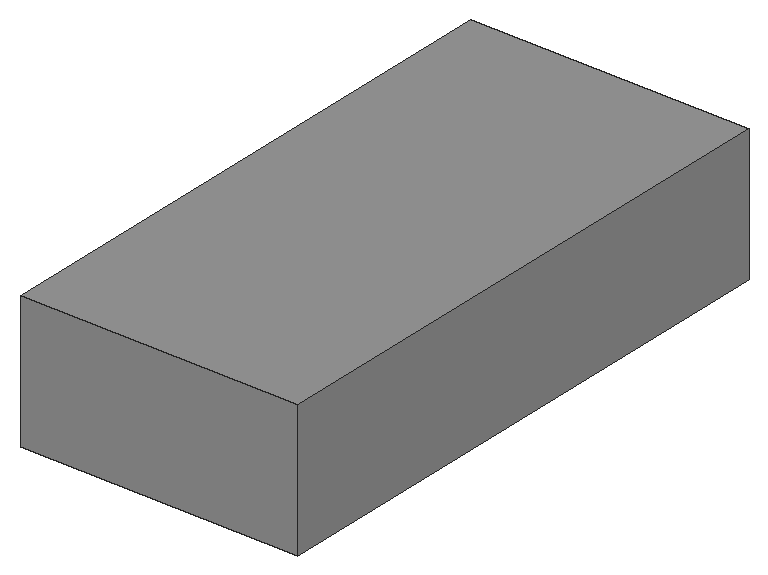
Revit family "GMV-N1560UA&B&C-T EXV", category 机械设备, Revit 2014
Parameters
  width = 246 mm
  height = 120 mm
  depth = 500 mm
Reference planes
  plane 1 "中心(前/后)": y = 0
  plane 2: z = 0
  plane 3 "中心(左/右)": x = 0
Forms (mm)
  Extrusion 1, solid, material "cabinet"
    sketch origin (293.306, 600.151, 0) x (1, 0, 0) y (0, 1, 0)
      loop
        line (-416.306, -350.151) -> (-416.306, -850.151) -> (-170.306, -850.151) -> (-170.306, -350.151) -> (-416.306, -350.151)
    from 0 to 120
Dimensions and locks
  "width": Extrusion 1 to Extrusion 1
  "depth": Extrusion 1 to Extrusion 1
  "height": Extrusion 1 to Extrusion 1
  aligned and locked: level to plane 2
Automatic sketch dimensions
  Extrusion 1 sketch curve to plane 3 "中心(左/右)" = 123 mm
  plane 3 "中心(左/右)" to Extrusion 1 sketch curve = 123 mm
  plane 1 "中心(前/后)" to Extrusion 1 sketch curve = 250 mm
  Extrusion 1 sketch curve to plane 1 "中心(前/后)" = 250 mm
